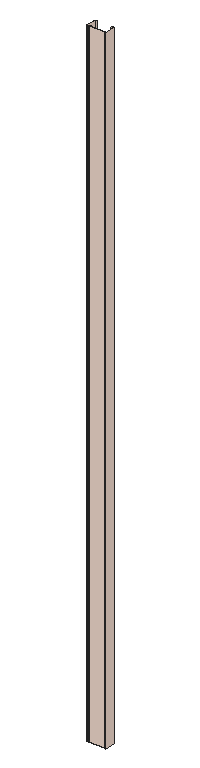
Revit family "WS-90", category 機械設備, Revit 2020
Family settings
  丸型コネクタ寸法 = 直径を使用
  種別 = なし
  パーツ タイプ = 標準
  作業面ベース = いいえ
  常に垂直 = はい
  ロード時にボイドで切り取り = いいえ
  共有 = いいえ
  部屋計算ポイント = いいえ
Parameters
  製造元 = "株式会社桐井製作所"
  既定の高さ = 0 mm
  URL = "https://www.kirii.co.jp/"
  K_長さ(mm) [instance] = 3000 mm
  K_材質 = "SGCCまたはSGHC　一般用"
  K_断面積A(mm2) = 160
  K_断面係数Zy(mm3) = 1562
  K_断面係数Zx(mm3) = 4744
  K_断面2次半径iy(mm) = 17
  K_断面2次半径ix(mm) = 36.5
  K_断面2次モーメントIy(mm4) = 46270
  K_断面2次モーメントIx(mm4) = 213500
  K_外形寸法(mm) = "90×45×0.8"
  K_品名 = "WS-90"
  K_名称 = "スタッド"
  K_単位質量(kg/m) = 1.293
  K_ヤング係数E(N/mm2) = 205000
  K_バージョン情報 = "20210524"
  K_めっき付着量 = "Z12"
  K_JIS規格 = "JIS G 3302"
  K_JIS外 [instance] = not(K_JIS)  # no
  K_JIS [instance] = [K_長さ(mm)] < 4501 mm  # yes
Reference planes
  plane 1 "中心(正面/背面)": y = 0
  plane 2: z = 0
  plane 3 "中心(左/右)": x = 0
  plane 4: z = 3000
  plane 5: y = 45
  plane 6: x = -45
  plane 7: x = 45
Forms (mm)
  Extrusion 1, solid
    sketch origin (-1.467, 0, 0) x (0, 1, 0) y (-1, 0, 0)
      loop
        line (0.8, -38.798) -> (1.8, -37.798) -> (1.8, 34.864) -> (0.8, 35.864) -> (0.8, 42.733) -> (44.2, 42.733) -> (44.2, 33.833) -> (40.396, 33.833) -> (40.396, 33.033) -> (45, 33.033) -> (45, 43.533) -> (0, 43.533) -> (0, 35.533) -> (1, 34.533) -> (1, -37.467) -> (0, -38.467) -> (0, -46.467) -> (45, -46.467) -> (45, -35.967) -> (40.396, -35.967) -> (40.396, -36.767) -> (44.2, -36.767) -> (44.2, -45.667) -> (0.8, -45.667) -> (0.8, -38.798)
    from 0 to 3000
Dimensions and locks
  "K_長さ(mm)": plane 4 to plane 2
  aligned and locked: level to plane 2
  aligned and locked: plane 4 to Extrusion 1
Automatic sketch dimensions
  Extrusion 1 sketch curve to plane 7 = 0 mm
  Extrusion 1 sketch curve to plane 6 = 0 mm
  Extrusion 1 sketch curve to plane 1 "中心(正面/背面)" = 0 mm  (x2)
  Extrusion 1 sketch curve to plane 1 "中心(正面/背面)" = 0.8 mm  (x2)
  Extrusion 1 sketch curve to plane 1 "中心(正面/背面)" = 1 mm
  Extrusion 1 sketch curve to Extrusion 1 sketch curve = 0.8 mm  (x5)
  plane 6 to Extrusion 1 sketch curve = 10.5 mm
  Extrusion 1 sketch curve to Extrusion 1 sketch curve = 38.596 mm  (x2)
  Extrusion 1 sketch curve to plane 7 = 9.7 mm
  Extrusion 1 sketch curve to Extrusion 1 sketch curve = 3.804 mm  (x2)
  Extrusion 1 sketch curve to plane 7 = 0.8 mm
  Extrusion 1 sketch curve to Extrusion 1 sketch curve = 6.869 mm
  Extrusion 1 sketch curve to Extrusion 1 sketch curve = 0.331 mm  (x4)
  Extrusion 1 sketch curve to Extrusion 1 sketch curve = 1 mm  (x2)
  plane 6 to Extrusion 1 sketch curve = 9 mm
  plane 6 to Extrusion 1 sketch curve = 0.8 mm
